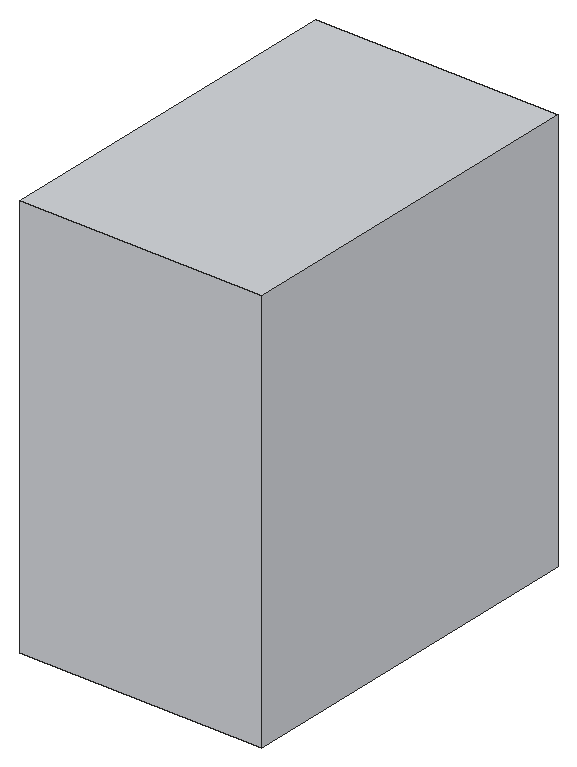
Revit family
Parameters
  Warranty Duration (Years) = 0
  Unit Width [instance] = 1' - 5 1/4"
  Unit Height [instance] = 1' - 7"
  Unit Depth = 0' - 0 15/16"
  URL = "http://www.americanspecialties.com/viewCategories.cfm"
  Trim Material = Metal - Stainless Steel
  Test Data = ""
  Specification = "http://www.arcat.com/sdspecs/htm/10810asi.htm"
  SpecWizard = ""
  Send Message = "http://www.arcat.com/users.pl?action=UserEmail&company=American%20Specialties,%20Inc.&coid=30448&rep=139&fax=914-476-0688&mf="
  Sales Information = "http://www.americanspecialties.com/contact"
  Revision = "R1_10-2010"
  Product Properties = "http://www.americanspecialties.com/datasheets/204623.pdf"
  Product Data = "http://www.arcat.com/arcatcos/cos30/arc30448.html"
  Model = "As Specified in 10 28 13"
  Manufacturer Website = "http://www.americanspecialties.com/viewCategories.cfm"
  Manufacturer Phone - Toll Free = ""
  Manufacturer Phone = "914-476-9000 "
  Manufacturer Fax = "914-476-0688"
  Manufacturer Address = "441 Saw Mill River Rd., Yonkers, NY 10701"
  Manufacturer = "American Specialties, Inc."
  Maintenance Schedule (Months) = 0
  Keynote = "10 28 13"
  Installation-Fabrication = "http://www.americanspecialties.com/products.cfm"
  Green Building-LEED = ""
  Expected Lifespan (Years) = 0
  Drawn By = "Robert S. Weygant. CSI, CDT, SCIP"  # constant formula
  Description = "Toilet Accessory as Specified in 10 28 13"
  Default Elevation = 4' - 0"
  Copyright = "©Arcat Inc."
  Construction Details = "http://www.arcat.com/green/clients/leed_data_30448.html"
  Building Codes = "http://www.americanspecialties.com/products.cfm"
  Body Material = Metal - Stainless Steel
  Assembly Code = "C1030210"
Reference planes (in)
  plane 1 "Center (Front/Back)": y = -0.29112
  plane 2 "Floor Line": z = 0
  plane 3 "Center (Left/Right)": x = -0.65843
Forms (in)
  Extrusion 1, solid
    sketch origin (-3, -9, -6) x (0, 0, -1) y (1, 0, 0)
      loop
        line (-82, 26) -> (-82, -19.34712) -> (-6, -19.34712) -> (-6, 26) -> (-82, 26)
    from 28.29112 to -41.06337
  Extrusion 2, solid, material "Metal - Stainless Steel" <- "Body Material"
    sketch origin (-0.90625, 3.92763, 0.125) x (1, 0, 0) y (0, 0, 1)
      loop
        line (-5.87718, 0) -> (6.37282, 0) -> (6.37282, 0.08207)
        arc (6.37282, 0.08207) -> (6.20376, 0.55642) -> (5.7728, 0.81692) r 0.75
        arc (5.7728, 0.81692) -> (0.24782, 1.375) -> (-5.27717, 0.81692) r 27.62784
        arc (-5.27717, 0.81692) -> (-5.70813, 0.55642) -> (-5.87718, 0.08207) r 0.75
        line (-5.87718, 0.08207) -> (-5.87718, 0)
    from -9.5 to 0.9375
  Extrusion 3, solid, material "Metal - Stainless Steel" <- "Body Material"
    sketch origin (0, 0, 0) x (1, 0, 0) y (0, 1, 0)
      loop
        line (-6.09593, 12.74013) -> (-6.09593, -13.32237) -> (4.77907, -13.32237) -> (4.77907, 12.74013) -> (-6.09593, 12.74013)
    from 0 to -3.9375
  Extrusion 4, solid, material "Metal - Stainless Steel" <- "Body Material"
    sketch origin (0, 0, 0) x (1, 0, 0) y (0, 1, 0)
      loop
        line (-6.09593, 12.74013) -> (-6.09593, -13.32237) -> (4.77907, -13.32237) -> (4.77907, 12.74013) -> (-6.09593, 12.74013)
      loop
        line (-7.03343, -14.29112) -> (5.71657, -14.29112) -> (5.71657, 13.70888) -> (-7.03343, 13.70888) -> (-7.03343, -14.29112)
    from 0 to 0.125
  Extrusion 5, solid, material "Metal - Stainless Steel" <- "Body Material"
    sketch origin (0, -0.29112, 0) x (1, 0, 0) y (0, 0, 1)
      loop
        line (-6.78343, 0.125) -> (5.46657, 0.125) -> (5.46657, 0.90684)
        arc (5.46657, 0.90684) -> (5.33728, 1.3278) -> (4.99399, 1.60364) r 0.75
        arc (4.99399, 1.60364) -> (-0.65843, 2.6875) -> (-6.31086, 1.60364) r 15.28087
        arc (-6.31086, 1.60364) -> (-6.65415, 1.3278) -> (-6.78343, 0.90684) r 0.75
        line (-6.78343, 0.90684) -> (-6.78343, 0.125)
    from 0 to 13.75
  Extrusion 6, void
    sketch origin (0, -0.29112, 0) x (1, 0, 0) y (0, 0, 1)
      loop
        line (-6.75218, 0.90684) -> (-6.75218, 0.15625) -> (-6.06468, 0.15625) -> (-6.06468, -3.90625) -> (4.74782, -3.90625) -> (4.74782, 0.15625) -> (5.43532, 0.15625) -> (5.43532, 0.90684)
        arc (5.43532, 0.90684) -> (5.31142, 1.31026) -> (4.98243, 1.57461) r 0.71875
        arc (4.98243, 1.57461) -> (-0.65843, 2.65625) -> (-6.2993, 1.57461) r 15.24962
        arc (-6.2993, 1.57461) -> (-6.62828, 1.31026) -> (-6.75218, 0.90684) r 0.71875
    from 0 to 13.0248
  Extrusion 7, void
    sketch origin (-0.65843, 0, 0) x (0, 1, 0) y (0, 0, 1)
      loop
        line (2.99013, 0.125) -> (-0.29112, 0.125) -> (-0.29112, -3.90625)
        arc (-0.29112, -3.90625) -> (0.17595, -3.74239) -> (0.64302, -3.90625) r 0.74759
        line (0.64302, -3.90625) -> (2.99013, 0) -> (2.99013, 0.125)
    from -5.40625 to 5.40625
  Extrusion 8, solid, material "Metal - Stainless Steel" <- "Body Material"
    sketch origin (-0.65843, 0, 0) x (0, 1, 0) y (0, 0, 1)
      loop
        arc (2.99013, 0) -> (1.11267, -1.53018) -> (0.64302, -3.90625) r 3.5718
        line (0.64302, -3.90625) -> (2.99013, 0)
    from -5.40625 to 5.40625
  Extrusion 9, solid, material "Metal - Stainless Steel" <- "Trim Material"
    sketch origin (0, 0, 0) x (1, 0, 0) y (0, 1, 0)
      loop
        circle (-0.65843, 0.11131) r 0.25
      loop
        line (-0.68399, 0.31866) -> (-0.68399, -0.11177) -> (-0.63288, -0.11177) -> (-0.63288, 0.31866) -> (-0.68399, 0.31866)
    from -3.81645 to -3.71332
  Extrusion 10, solid, material "Metal - Stainless Steel" <- "Trim Material"
    sketch origin (-5.26403, 8.10544, 4.91687) x (0.991083, 0, 0.133247) y (0, 1, 0)
      loop
        circle (-0.65843, 0.11131) r 0.25
      loop
        line (-0.68399, 0.31866) -> (-0.68399, -0.11177) -> (-0.63288, -0.11177) -> (-0.63288, 0.31866) -> (-0.68399, 0.31866)
    from -3.81645 to -3.71332
  Extrusion 11, void
    sketch origin (0, 0, 0) x (1, 0, 0) y (0, 1, 0)
      loop
        line (-6.09593, 12.74013) -> (-6.09593, -13.32237) -> (4.77907, -13.32237) -> (4.77907, 12.74013) -> (-6.09593, 12.74013)
    from 0 to -3.9375
Cuts and joins
  Extrusion 6, Extrusion 7 cuts Extrusion 3
  Extrusion 6, Extrusion 7 cuts Extrusion 4
  Extrusion 6, Extrusion 7 cuts Extrusion 5
  Extrusion 7 cuts Extrusion 2
Dimensions and locks (in)
  aligned and locked: Extrusion 1 to level
